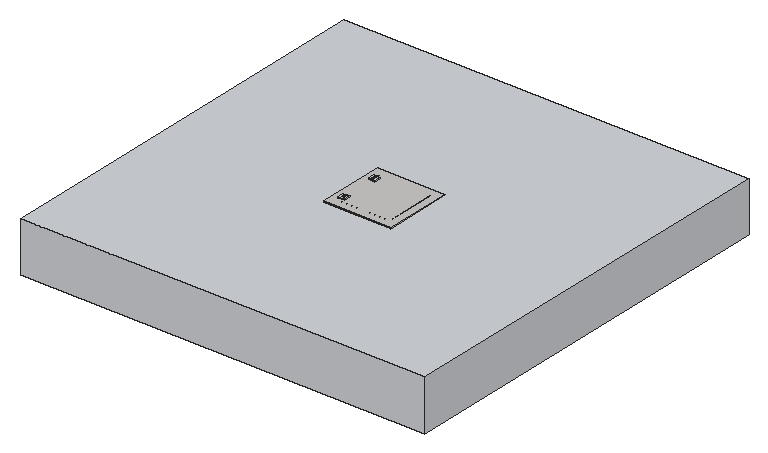
Revit family
Parameters (values of type "SLA 12x12")
  URL = "http://www.acornengineering.com"
  Model = "SLA (12x12)"
  Material = 10 Gauge Steel
  Manufacturer = "Acorn Engineering"
  MAS - Masonry Anchor Straps = no
  LD - Lock Provided by Others = no
  Designed By = "ATS BIM Team"
  Description = "Slammer Access Doors"
  Default Elevation = 4' - 0"
  Copyrighted By = "ATS"
  Assembly Code = ""
Reference planes (in)
  plane 1 "Center (Front/Back)": y = 0
  plane 2: z = 0
  plane 3 "Center (Left/Right)": x = 0
Forms (in)
  Extrusion 1, solid
    sketch origin (0, 0, 0) x (1, 0, 0) y (0, 1, 0)
      loop
        line (-48, 48) -> (-48, -48) -> (48, -48) -> (48, 48) -> (-48, 48)
    from 0 to -12
  Extrusion 2, solid, material "10 Gauge Steel"
    sketch origin (-7.77427, 0, 5.25) x (1, 0, 0) y (0, 0, -1)
      loop
        line (1.77427, 5.25) -> (13.77427, 5.25) -> (13.77427, 7) -> (1.77427, 7) -> (1.77427, 5.25)
    from -6 to 6
  Extrusion 3, solid, material "10 Gauge Steel"
    sketch origin (-0.5, -6.97762, -0.25) x (1, 0, 0) y (0, 0, -1)
      loop
        line (-7.5, -0.25) -> (-7.5, -0.375) -> (8.5, -0.375) -> (8.5, -0.25) -> (-7.5, -0.25)
    from -1.02238 to 14.97762
  Extrusion 4, solid
    sketch origin (-0.60815, -6.32305, 0) x (1, 0, 0) y (0, 0, -1)
      loop
        line (-6.14185, -0.125) -> (-6.14185, -0.3125) -> (-4.64185, -0.3125) -> (-4.64185, -0.125) -> (-6.14185, -0.125)
    from 10.07305 to 11.57305
  Extrusion 5, solid
    sketch origin (-0.60815, -15.32305, 0) x (1, 0, 0) y (0, 0, -1)
      loop
        line (-6.14185, -0.125) -> (-6.14185, -0.3125) -> (-4.64185, -0.3125) -> (-4.64185, -0.125) -> (-6.14185, -0.125)
    from 10.07305 to 11.57305
  Extrusion 6, solid
    sketch origin (0, 5.25, 0) x (1, 0, 0) y (0, 0, 1)
      loop
        arc (-5.875, 0.3125) -> (-6, 0.4375) -> (-6.125, 0.3125) r 0.125
        line (-6.125, 0.3125) -> (-5.875, 0.3125)
    from 0 to 0.3
  Extrusion 7, solid
    sketch origin (0, 4.05, 0) x (1, 0, 0) y (0, 0, 1)
      loop
        arc (-5.875, 0.3125) -> (-6, 0.4375) -> (-6.125, 0.3125) r 0.125
        line (-6.125, 0.3125) -> (-5.875, 0.3125)
    from 0 to 0.3
  Extrusion 8, solid
    sketch origin (0, 4.95, 0) x (1, 0, 0) y (0, 0, 1)
      loop
        arc (-5.875, 0.3125) -> (-6, 0.4375) -> (-6.125, 0.3125) r 0.125
        line (-6.125, 0.3125) -> (-5.875, 0.3125)
    from 0 to 0.3
  Extrusion 9, solid
    sketch origin (0, 4.65, 0) x (1, 0, 0) y (0, 0, 1)
      loop
        arc (-5.875, 0.3125) -> (-6, 0.4375) -> (-6.125, 0.3125) r 0.125
        line (-6.125, 0.3125) -> (-5.875, 0.3125)
    from 0 to 0.3
  Extrusion 10, solid
    sketch origin (0, 4.35, 0) x (1, 0, 0) y (0, 0, 1)
      loop
        arc (-5.875, 0.3125) -> (-6, 0.4375) -> (-6.125, 0.3125) r 0.125
        line (-6.125, 0.3125) -> (-5.875, 0.3125)
    from 0 to 0.3
  Extrusion 11, solid
    sketch origin (0, -3.75, 0) x (1, 0, 0) y (0, 0, 1)
      loop
        arc (-5.875, 0.3125) -> (-6, 0.4375) -> (-6.125, 0.3125) r 0.125
        line (-6.125, 0.3125) -> (-5.875, 0.3125)
    from 0 to 0.3
  Extrusion 12, solid
    sketch origin (0, -4.95, 0) x (1, 0, 0) y (0, 0, 1)
      loop
        arc (-5.875, 0.3125) -> (-6, 0.4375) -> (-6.125, 0.3125) r 0.125
        line (-6.125, 0.3125) -> (-5.875, 0.3125)
    from 0 to 0.3
  Extrusion 13, solid
    sketch origin (0, -4.05, 0) x (1, 0, 0) y (0, 0, 1)
      loop
        arc (-5.875, 0.3125) -> (-6, 0.4375) -> (-6.125, 0.3125) r 0.125
        line (-6.125, 0.3125) -> (-5.875, 0.3125)
    from 0 to 0.3
  Extrusion 14, solid
    sketch origin (0, -4.35, 0) x (1, 0, 0) y (0, 0, 1)
      loop
        arc (-5.875, 0.3125) -> (-6, 0.4375) -> (-6.125, 0.3125) r 0.125
        line (-6.125, 0.3125) -> (-5.875, 0.3125)
    from 0 to 0.3
  Extrusion 15, solid
    sketch origin (0, -4.65, 0) x (1, 0, 0) y (0, 0, 1)
      loop
        arc (-5.875, 0.3125) -> (-6, 0.4375) -> (-6.125, 0.3125) r 0.125
        line (-6.125, 0.3125) -> (-5.875, 0.3125)
    from 0 to 0.3
Lines and regions (in)
  model lines
    curve 1: line (-6, 6, 0.125) -> (6, 6, 0.125)
    curve 2: line (-6, -6, 0.125) -> (-6, 6, 0.125)
    curve 3: line (6, -6, 0.125) -> (-6, -6, 0.125)
    curve 4: line (6, 6, 0.125) -> (6, -6, 0.125)
    curve 5: circle (2.90008, 0, 0.125) r 0.25 normal (0, 0, 1)
    curve 6: line (2.52091, 0.0652, 0.125) -> (3.27091, 0.0652, 0.125)
    curve 7: line (2.52091, -0.0652, 0.125) -> (2.52091, 0.0652, 0.125)
    curve 8: line (3.27091, -0.0652, 0.125) -> (2.52091, -0.0652, 0.125)
    curve 9: line (3.27091, 0.0652, 0.125) -> (3.27091, -0.0652, 0.125)
Dimensions and locks (in)
  Extrusion 3 to Extrusion 3 = 1' - 4"  (x2)
  equal spacing: group 1, group 3, group 4, group 5, group 2  (x2)
  equal spacing: group 2, group 5, group 4, group 3, group 1
  Extrusion 2 to Extrusion 2 = 1' - 0"
  Extrusion 3 to Extrusion 2 = 0' - 2"
  Extrusion 1 to Extrusion 2 = 0' - 1 3/4"
  aligned and locked: plane 2 to Extrusion 1
  aligned and locked: level to Extrusion 1
